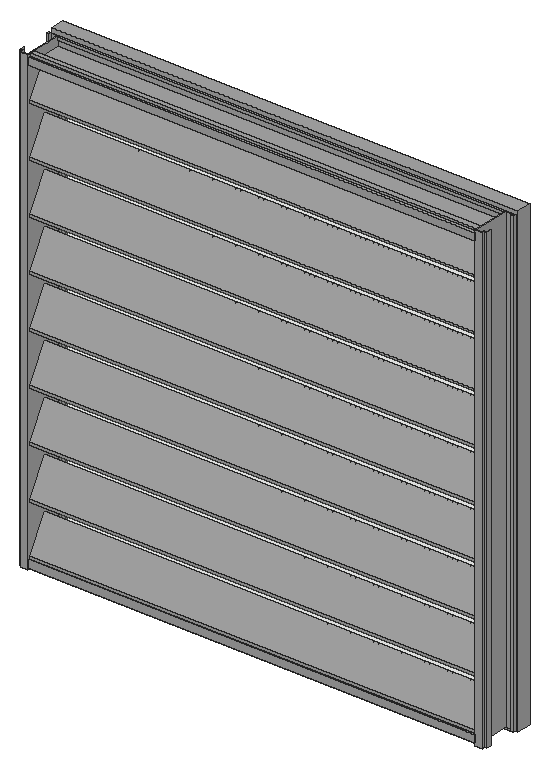
Revit family
Parameters (values of type "435")
  Weight = ""
  Warranty = "All materials and workmanship are warranted for a period of 1 year from date of completion."  # constant formula
  URL = "http://www.industriallouvers.com"
  Surface Finish = "Anodized, Baked Enamel or Kynar finish"  # constant formula
  Support Material = Aluminum
  Subcategory = "Extruded Sightproof"  # constant formula
  Static Pressure Loss = ""
  Specifications  URL = "http://www.industriallouvers.com/downloads/Extruded%20Sightproof/435_SD.doc"
  Screen Material = Screen Material
  SMARTBIM URL = "http://www.SMARTBIM.com"
  SMARTBIM Object Version = 3  # constant formula
  SMARTBIM Object Created By = "SMARTBIM, LLC"  # constant formula
  SMARTBIM Contact = "mailto:SMARTBIM@SMARTBIM.com"
  Product Submittal URL = "http://www.industriallouvers.com/downloads/Extruded%20Sightproof/435_PS.pdf"
  Product Page URL = "http://www.industriallouvers.com/lv_es.php"
  Number of Blades [instance] = (Louver Height - 0' 5 1/2") / 0' 5"  # 9
  Model = "435"  # constant formula
  Minimum Height = 1' - 0"
  Maximum Water Penetration = ""
  Maximum Size - Single Section [instance] = "One dimension not to exceed 72\" x 120\""
  Material = "Extruded aluminum, 6063-T6"  # constant formula
  Manufacturer Toll Free Phone = "1-800-328-3421"  # constant formula
  Manufacturer Phone = "763-972-2981"  # constant formula
  Manufacturer Fax = "763-972-2911"  # constant formula
  Manufacturer Email = "mailto:ilinfo@industriallouvers.com"
  Manufacturer Address = "511 S. 7th Street, Delano, MN 55328"  # constant formula
  Manufacturer = "Industrial Louvers, Inc."  # constant formula
  Maintenance = "http://www.industriallouvers.com/prod-forms/Maintenance%20Instructions.pdf"
  Louver Width [instance] = 4' - 0"
  Louver Height [instance] = 4' - 0"
  Installation URL = "http://www.industriallouvers.com/downloads/Extruded%20Sightproof/435_II.pdf"
  Height [instance] = if(Louver Height < 1' 0", 1' 0", Louver Height)  # 4' - 0"
  Free Area for 48”x48” Louver = "30%"  # constant formula
  Free Area (ft²) for 48" x 48" Louver = "4.79"  # constant formula
  Frame Material = Aluminum
  Description = "Extruded Sightproof"  # constant formula
  Depth = 0' - 4"  # constant formula
  Default Elevation = 4' - 0"
  Cost Info = "Contact Factory"  # constant formula
  CAD Drawings = "http://www.industriallouvers.com/downloads/Extruded%20Sightproof/435_ACD.dwg"
  Blade Width [instance] = Louver Width - 0' 1 1/2"  # 3' - 10 1/2"
  Blade Start Height [instance] = (Louver Height - 0' 4 1/2" - Blade Region Height) / 2  # 0' - 1 3/4"
  Blade Region Height [instance] = (Blade Count - 1) * 0' 5"  # 3' - 4"
  Blade Material = Aluminum
  Blade Count [instance] = if(((Louver Height - 0' 5 1/2") / 0' 5") < 2, 2, (Louver Height - 0' 5 1/2") / 0' 5")  # 9
  Assembly Code = "B2010300"
  95 CSI = "10200"  # constant formula
  04 CSI = "08 91 00"  # constant formula
Reference planes (in)
  plane 1 "Center (Front/Back)": y = 0
  plane 2: z = 0
  plane 3 "Center (Left/Right)": x = 0
  plane 4: x = -24
  plane 5: x = 24
  plane 6: x = -23.25
  plane 7: x = 23.25
  plane 8 "Back of Blade": y = 2
  plane 9: z = 1.75
  plane 10: z = 41.75
  plane 11: z = 48.5
  plane 12 "Back of Screen": y = 2.345
  plane 13: z = 47
  plane 14: z = 1.5
  plane 15: y = 2.47
  plane 16: z = 48.375
  plane 17: z = 0.125
  plane 18: y = 3.845
  plane 19 "Front of Louver": y = -2
  plane 20: z = 48.25
  plane 21: z = 0.25
  plane 22: z = 21.75
  plane 23: x = -24.25
  plane 24: x = 24.25
  plane 25: z = 48
Forms (in)
  Extrusion 1, solid, material "Aluminum" <- "Blade Material"
    sketch origin (0, -24, 12.25956) x (0, 1, 0) y (0, 0, 1)
      loop
        line (26, 34.99044) -> (26, 35.99044) -> (25.75, 35.99044) -> (25.75, 35.74044) -> (25.919, 35.74044) -> (25.919, 35.07044) -> (22.08, 35.07044) -> (22.08, 35.66044) -> (22.33, 35.66044) -> (22.33, 35.94044) -> (22.75, 35.94044) -> (22.75, 35.99044) -> (22.25, 35.99044) -> (22.25, 35.74044) -> (22, 35.74044) -> (22, 34.99044) -> (26, 34.99044)
    from -23.25 to 23.25
  Sweep 2, solid, material "Aluminum" <- "Support Material"
    path origin (0, 0, 0) x (1, 0, 0) y (0, 0, 1)
      loop
        line (-24.25, 48.5) -> (-24.25, 0) -> (24.25, 0) -> (24.25, 48.5) -> (-24.25, 48.5)
    profile origin (0, 0, 48.5) x (0, 0, 1) y (0, -1, 0)
      loop
        line (-1.5, -2.345) -> (-1.5, -2.47) -> (-0.125, -2.47) -> (-0.125, -3.845) -> (0, -3.845) -> (0, -2.345) -> (-1.5, -2.345)
  Extrusion 3, solid, material "Aluminum" <- "Frame Material"
    sketch origin (-10, 22.75594, 29.61826) x (1, 0, 0) y (0, 1, 0)
      loop
        line (33.331, -20.83694) -> (34, -20.83694) -> (34, -21.00594) -> (34.25, -21.00594) -> (34.25, -20.75594) -> (33.25, -20.75594) -> (33.25, -24.75594) -> (34, -24.75594) -> (34, -24.50594) -> (34.25, -24.50594) -> (34.25, -24.00594) -> (34.2, -24.00594) -> (34.2, -24.42594) -> (33.92, -24.42594) -> (33.92, -24.67594) -> (33.331, -24.67594) -> (33.331, -20.83694)
    from -29.36826 to 18.63174
  Extrusion 4, solid, material "Aluminum" <- "Frame Material"
    sketch origin (10, -22.75594, 29.61826) x (-1, 0, 0) y (0, -1, 0)
      loop
        line (33.331, -24.67494) -> (33.331, -20.83594) -> (33.92, -20.83594) -> (33.92, -21.08594) -> (34.2, -21.08594) -> (34.2, -21.50594) -> (34.25, -21.50594) -> (34.25, -21.00594) -> (34, -21.00594) -> (34, -20.75594) -> (33.25, -20.75594) -> (33.25, -24.75594) -> (34.25, -24.75594) -> (34.25, -24.50594) -> (34, -24.50594) -> (34, -24.67494) -> (33.331, -24.67494)
    from -29.36826 to 18.63174
  Extrusion 5, solid, material "Aluminum" <- "Blade Material"
    sketch origin (0, 0, 0) x (0, 1, 0) y (0, 0, 1)
      loop
        line (2, 0.25) -> (2, 1.25) -> (-2, 1.25) -> (-2, 0.5) -> (-1.75, 0.5) -> (-1.75, 0.25) -> (-1.25, 0.25) -> (-1.25, 0.3) -> (-1.67, 0.3) -> (-1.67, 0.581) -> (-1.92, 0.581) -> (-1.92, 1.169) -> (1.919, 1.169) -> (1.919, 0.331) -> (1.75, 0.331) -> (1.75, 0.25) -> (2, 0.25)
    from -23.25 to 23.25
Cuts and joins
  joined: Extrusion 3, Extrusion 4
Dimensions and locks (in)
  equal spacing: plane 4, plane 3 "Center (Left/Right)", plane 5
  "Louver Width": plane 4 to plane 5
  locked: plane 4 to plane 6 at 0.75
  locked: plane 7 to plane 5 at 0.75
  "Blade Start Height": plane 9 to level
  "Louver Height": plane 20 to plane 21
  locked: plane 18 to plane 12 "Back of Screen" at 1.5
  locked: plane 15 to plane 12 "Back of Screen" at 0.125
  locked: plane 11 to plane 13 at 1.5
  locked: plane 11 to plane 16 at 0.125
  locked: plane 17 to level at 0.125
  locked: plane 14 to level at 1.5
  locked: plane 12 "Back of Screen" to plane 8 "Back of Blade" at 0.345
  equal spacing: plane 8 "Back of Blade", plane 1 "Center (Front/Back)", plane 19 "Front of Louver"
  locked: plane 8 "Back of Blade" to plane 19 "Front of Louver" at 4
  locked: plane 11 to plane 20 at 0.25
  locked: plane 21 to level at 0.25
  equal spacing: group 1, group 3, group 4, group 5, group 6, group 7, group 8, group 9, group 2  (x3)
  locked: plane 23 to plane 4 at 0.25
  locked: plane 5 to plane 24 at 0.25
  equal spacing: plane 10, plane 22, plane 9
  locked: plane 11 to plane 25 at 0.5
  "Blade Region Height": plane 10 to plane 9
  aligned and locked: Sweep 2 sketch curve to plane 11
  aligned and locked: Sweep 2 sketch curve to level
  aligned and locked: Sweep 2 to plane 12 "Back of Screen"
  aligned and locked: nested 1 to plane 12 "Back of Screen"
  aligned and locked: nested 1 to plane 8 "Back of Blade"
  aligned and locked: nested 1 to level
  aligned: plane 5 to Extrusion 3
  aligned: Extrusion 4 to plane 4
  aligned: plane 11 to Extrusion 3
  aligned: Extrusion 1 to plane 20
  aligned: Extrusion 1 to plane 8 "Back of Blade"
  aligned and locked: Extrusion 1 to plane 6
  aligned and locked: plane 7 to Extrusion 1
  aligned: Extrusion 3 to level
  aligned: Extrusion 4 to level
  aligned: plane 11 to Extrusion 4
  aligned and locked: plane 3 "Center (Left/Right)" to nested 2
  aligned and locked: nested 2 to plane 8 "Back of Blade"
  aligned: plane 9 to nested 2
  aligned: plane 10 to nested 3  (x2)
  aligned: plane 3 "Center (Left/Right)" to nested 1
  aligned and locked: cut or joined group of Extrusion 3, Extrusion 4 to plane 20  (x2)
  aligned and locked: plane 21 to cut or joined group of Extrusion 3, Extrusion 4  (x2)
  aligned and locked: plane 23 to Sweep 2 sketch curve
  aligned and locked: plane 24 to Sweep 2 sketch curve
  aligned and locked: plane 25 to nested 1
  aligned and locked: plane 5 to nested 1
  aligned and locked: nested 1 to plane 4
  aligned and locked: plane 7 to Extrusion 5
  aligned and locked: Extrusion 5 to plane 6
  aligned and locked: Extrusion 4 sketch curve to Extrusion 5
  aligned and locked: Extrusion 4 sketch curve to plane 23
  aligned and locked: plane 23 to Extrusion 4 sketch curve
  aligned and locked: plane 8 "Back of Blade" to Extrusion 4 sketch curve
  aligned and locked: Extrusion 4 sketch curve to plane 19 "Front of Louver"
  aligned and locked: Extrusion 4 sketch curve to plane 4
  aligned and locked: plane 24 to Extrusion 3 sketch curve
  aligned and locked: Extrusion 3 sketch curve to plane 8 "Back of Blade"
  aligned and locked: plane 7 to Extrusion 3 sketch curve
  aligned and locked: Extrusion 3 sketch curve to plane 24
  aligned and locked: Extrusion 3 sketch curve to plane 19 "Front of Louver"
  aligned and locked: Extrusion 3 sketch curve to plane 5
  aligned and locked: Extrusion 1 sketch curve to cut or joined group of Extrusion 3, Extrusion 4
  aligned and locked: nested 3 to Extrusion 1
  aligned and locked: nested 2 to Extrusion 5
Automatic sketch dimensions
  Extrusion 3 sketch curve to Extrusion 3 sketch curve = 0' - 0.169"
  Extrusion 3 sketch curve to Extrusion 3 sketch curve = 0' - 0.081"
  Extrusion 4 sketch curve to Extrusion 4 sketch curve = 0' - 0 1/4"
  Extrusion 4 sketch curve to Extrusion 4 sketch curve = 0' - 0.169"
  Extrusion 4 sketch curve to Extrusion 4 sketch curve = 0' - 0.081"
  profile plane to Sweep 2 sketch curve = 0' - 0"
  Sweep 2 sketch curve to Sweep 2 sketch curve = 0' - 0 1/8"  (x2)
  Sweep 2 sketch curve to Sweep 2 sketch curve = 0' - 1 3/8"  (x2)
  Sweep 2 sketch curve to plane 1 "Center (Front/Back)" = 0' - 3.845"
  Extrusion 1 sketch curve to plane 8 "Back of Blade" = 0' - 0"
  plane 25 to Extrusion 1 sketch curve = 0' - 0 3/4"
  Extrusion 1 sketch curve to plane 8 "Back of Blade" = 0' - 0.081"
  plane 25 to Extrusion 1 sketch curve = 0' - 0.67"
  Extrusion 5 sketch curve to plane 8 "Back of Blade" = 0' - 0.081"
  Extrusion 5 sketch curve to Extrusion 5 sketch curve = 0' - 0.169"
  Extrusion 5 sketch curve to plane 21 = 0' - 0.081"
  plane 21 to Extrusion 5 sketch curve = 0' - 0"  (x2)
  Extrusion 4 sketch curve to plane 6 = 0' - 0.081"
  plane 4 to Extrusion 4 sketch curve = 0' - 0.08"
  Extrusion 4 sketch curve to plane 19 "Front of Louver" = 0' - 0.33"
  Extrusion 4 sketch curve to plane 19 "Front of Louver" = 0' - 0.08"
  Extrusion 4 sketch curve to plane 19 "Front of Louver" = 0' - 0 1/4"
  Extrusion 4 sketch curve to plane 23 = 0' - 0.05"
  Extrusion 4 sketch curve to Extrusion 4 sketch curve = 0' - 0.42"
  plane 7 to Extrusion 3 sketch curve = 0' - 0.081"
  Extrusion 3 sketch curve to plane 5 = 0' - 0.08"
  Extrusion 3 sketch curve to plane 19 "Front of Louver" = 0' - 0.08"
  plane 24 to Extrusion 3 sketch curve = 0' - 0.05"
  Extrusion 3 sketch curve to Extrusion 3 sketch curve = 0' - 0.42"
  Extrusion 3 sketch curve to plane 19 "Front of Louver" = 0' - 0 1/4"
  Extrusion 3 sketch curve to Extrusion 3 sketch curve = 0' - 0.08"
  Extrusion 3 sketch curve to plane 5 = 0' - 0"
  Extrusion 5 sketch curve to plane 21 = 0' - 0.05"
  Extrusion 5 sketch curve to Extrusion 5 sketch curve = 0' - 0.42"
  Extrusion 5 sketch curve to Extrusion 5 sketch curve = 0' - 0.17"
  Extrusion 5 sketch curve to Extrusion 5 sketch curve = 0' - 0.08"
  Extrusion 5 sketch curve to Extrusion 5 sketch curve = 0' - 0.2"
  Extrusion 5 sketch curve to Extrusion 5 sketch curve = 0' - 0.081"  (x2)
  Extrusion 5 sketch curve to plane 14 = 0' - 0.331"
  Extrusion 5 sketch curve to plane 19 "Front of Louver" = 0' - 0.08"
  Extrusion 5 sketch curve to plane 19 "Front of Louver" = 0' - 0"
  Extrusion 5 sketch curve to plane 8 "Back of Blade" = 0' - 0"
  Extrusion 1 sketch curve to plane 19 "Front of Louver" = 0' - 0"
  Extrusion 1 sketch curve to Extrusion 1 sketch curve = 0' - 0.08"  (x2)
  plane 20 to Extrusion 1 sketch curve = 0' - 0.05"
  plane 25 to Extrusion 1 sketch curve = 0' - 0.08"
  Extrusion 1 sketch curve to Extrusion 1 sketch curve = 0' - 0.42"
  Extrusion 1 sketch curve to plane 25 = 0' - 0"
  Extrusion 1 sketch curve to plane 19 "Front of Louver" = 0' - 0 1/4"
  plane 20 to Extrusion 1 sketch curve = 0' - 0"  (x2)
  plane 25 to Extrusion 1 sketch curve = 0' - 0"
Nested families (in)
  nested 1: "Louver Screen" at (18, 2, 0), type "Louver Screen"
    with Width 4' - 0", Height 4' - 0", Depth 0' - 0.345"
  nested 2: "Louver-Blade_450XP_IndustrialLouver" at (0, 2, 1.25), type "Louver-Blade_450XP_IndustrialLouver"
  nested 3: "Louver-Blade_450XP_IndustrialLouver" at (0, 2, 43.68406), type "Louver-Blade_450XP_IndustrialLouver"
  nested 4: "Louver-Blade_450XP_IndustrialLouver" at (0, 2, 6.55426), type "Louver-Blade_450XP_IndustrialLouver"
  nested 5: "Louver-Blade_450XP_IndustrialLouver" at (0, 2, 11.85851), type "Louver-Blade_450XP_IndustrialLouver"
  nested 6: "Louver-Blade_450XP_IndustrialLouver" at (0, 2, 17.16277), type "Louver-Blade_450XP_IndustrialLouver"
  nested 7: "Louver-Blade_450XP_IndustrialLouver" at (0, 2, 22.46703), type "Louver-Blade_450XP_IndustrialLouver"
  nested 8: "Louver-Blade_450XP_IndustrialLouver" at (0, 2, 27.77129), type "Louver-Blade_450XP_IndustrialLouver"
  nested 9: "Louver-Blade_450XP_IndustrialLouver" at (0, 2, 33.07554), type "Louver-Blade_450XP_IndustrialLouver"
  nested 10: "Louver-Blade_450XP_IndustrialLouver" at (0, 2, 38.3798), type "Louver-Blade_450XP_IndustrialLouver"
Connectors (in)
  hvac at (0, 2.345, 24), driven by "Louver Height", driven by "Louver Width"
    settings: on nested 1, index 1, duct flow 0 CFM, flow factor 0, pres drop 0.00 in-wg, loss coef 0, conn angle 0.00°, conn width 48", conn height 48", conn radius 12", duct sys type 1, conn prof type 1, flow config 0, flow direction 0, loss method 0, conn ref index -1, conn util no, is conn primary yes, conn desc ""
Definition of nested family "Louver Screen"
  Parameters (values of type "Louver Screen")
    Width [instance] = 2' - 0"
    Screen Frame = Aluminum
    Screen = Screen Material
    Height [instance] = 2' - 0"
    Depth [instance] = 0' - 0 115/256"
    Assembly Code = ""
  Reference planes (in)
    plane 1 "Front": y = 0
    plane 2: z = 0
    plane 3 "Center (Left/Right)": x = -18
    plane 4: x = -30
    plane 5: x = -6
    plane 6: z = 24
    plane 7: x = -29.25
    plane 8: x = -6.75
    plane 9: z = 23.25
    plane 10: z = 0.75
    plane 11 "Back": y = 0.44922
    plane 12 "Center (Front/Back)": y = 0.22461
    plane 13: y = 0.19336
    plane 14: y = 0.25586
  Forms (in)
    Sweep 1, solid, material "Aluminum" <- "Screen Frame"
      path origin (0, 0, 0) x (1, 0, 0) y (0, 0, 1)
        loop
          line (-30, 24) -> (-30, 0) -> (-6, 0) -> (-6, 24) -> (-30, 24)
      profile origin (-18, 0, 24) x (0, 0, 1) y (0, -1, 0)
        loop
          line (0, 0) -> (-0.75, 0) -> (-0.75, -0.44922) -> (0, -0.44922) -> (0, 0)
    Extrusion 2, solid, material "Screen Material" <- "Screen"
      sketch origin (0, 0, 0) x (1, 0, 0) y (0, 0, 1)
        loop
          line (-29.25, 0.75) -> (-6.75, 0.75) -> (-6.75, 23.25) -> (-29.25, 23.25) -> (-29.25, 0.75)
      from -0.19336 to -0.25586
  Dimensions and locks (in)
    equal spacing: plane 4, plane 3 "Center (Left/Right)", plane 5
    "Width": plane 4 to plane 5
    locked: Sweep 1 sketch curve to Sweep 1 sketch curve at 0.75
    locked: plane 6 to plane 9 at 0.75
    locked: plane 4 to plane 7 at 0.75
    locked: plane 5 to plane 8 at 0.75
    locked: plane 10 to level at 0.75
    "Depth": plane 1 "Front" to plane 11 "Back"
    equal spacing: plane 1 "Front", plane 12 "Center (Front/Back)", plane 11 "Back"
    plane 14 to plane 12 "Center (Front/Back)" to plane 13 = 0' - 0 1/32" locked, 0' - 0 1/32" locked
    "Height": plane 6 to plane 2
    aligned and locked: Sweep 1 sketch curve to plane 6
    aligned and locked: Sweep 1 sketch curve to plane 4
    aligned and locked: Sweep 1 sketch curve to level
    aligned and locked: Sweep 1 sketch curve to plane 5
    aligned and locked: Extrusion 2 sketch curve to plane 7
    aligned and locked: Extrusion 2 sketch curve to plane 9
    aligned and locked: Extrusion 2 sketch curve to plane 10
    aligned and locked: Extrusion 2 sketch curve to plane 8
    aligned and locked: plane 11 "Back" to Sweep 1
    aligned and locked: plane 1 "Front" to Sweep 1 sketch curve
    aligned and locked: plane 11 "Back" to Sweep 1 sketch curve
    aligned and locked: plane 14 to Extrusion 2
    aligned and locked: Extrusion 2 to plane 13
    aligned and locked: plane 2 to level
  Automatic sketch dimensions
    profile plane to Sweep 1 sketch curve = 0' - 0"
Definition of nested family "Louver-Blade_450XP_IndustrialLouver"
  Parameters (values of type "Louver-Blade_450XP_IndustrialLouver")
    Width = 3' - 10 1/2"
    Blade Material = Aluminum
    Assembly Code = ""
  Reference planes (in)
    plane 1 "Center (Front/Back)": y = 0
    plane 2: z = 0
    plane 3 "Center (Left/Right)": x = 0
    plane 4: x = -23.25
    plane 5: x = 23.25
    plane 6: z = 3.56594
    plane 7: z = 2.59135
  Forms (in)
    Extrusion 1, solid, material "Aluminum" <- "Blade Material"
      sketch origin (0, 0, -3.44043) x (0, 1, 0) y (0, 0, 1)
        loop
          line (-3.83016, 3.69201) -> (-3.83016, 3.44043) -> (-3.76961, 3.44043) -> (-3.76961, 3.67088) -> (-1.91661, 6.88037) -> (-0.06361, 3.67088) -> (-0.06361, 3.44043) -> (0, 3.44043) -> (0, 3.68671) -> (-1.91661, 7.00637) -> (-3.83016, 3.69201)
      from -23.25 to 23.25
  Dimensions and locks (in)
    equal spacing: plane 4, plane 3 "Center (Left/Right)", plane 5
    "Width": plane 4 to plane 5
    aligned and locked: Extrusion 1 to plane 4
    aligned and locked: plane 5 to Extrusion 1
    aligned: plane 6 to Extrusion 1
    aligned and locked: plane 6 to Extrusion 1 sketch curve
  Automatic sketch dimensions
    Extrusion 1 sketch curve to plane 1 "Center (Front/Back)" = 0' - 0"
    Extrusion 1 sketch curve to Extrusion 1 sketch curve = 0' - 0.06361"
    plane 1 "Center (Front/Back)" to Extrusion 1 sketch curve = 0' - 1.91661"
    Extrusion 1 sketch curve to plane 6 = 0' - 0.126"
    Extrusion 1 sketch curve to Extrusion 1 sketch curve = 0' - 0"
    Extrusion 1 sketch curve to level = 0' - 0"  (x2)
    Extrusion 1 sketch curve to Extrusion 1 sketch curve = 0' - 3.706"
    level to Extrusion 1 sketch curve = 0' - 0.25158"
    Extrusion 1 sketch curve to Extrusion 1 sketch curve = 0' - 0.06055"
    Extrusion 1 sketch curve to Extrusion 1 sketch curve = 0' - 0.02113"
    level to Extrusion 1 sketch curve = 0' - 0 59/256"
    Extrusion 1 sketch curve to Extrusion 1 sketch curve = 0' - 0.01582"
